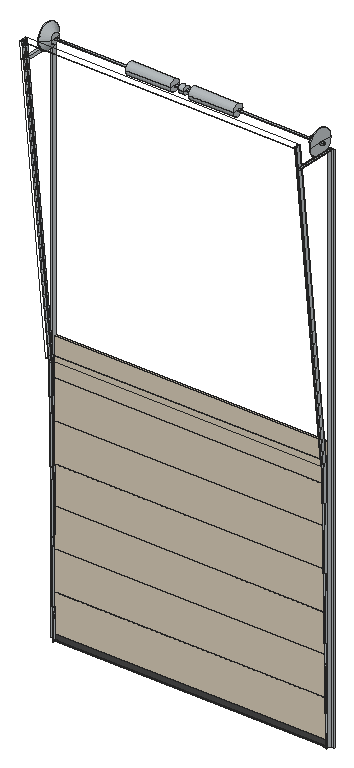
Revit family "Door_Sectional_Clopay_Insulated-VerticalTrack", category Doors, host Wall, Revit 2023
Family settings
  Host = Wall
  OmniClass Number = 23.30.10.17.37.14
  OmniClass Title = Sectional Overhead Doors
  Always vertical = Yes
  Cut with Voids When Loaded = No
  Shared = No
  Room Calculation Point = No
Parameters (values of type "ByType")
  intDepth [instance] = (Height + 1' 6") * -1  # -13' - 6"
  Wind Load = ""
  Water Penetration = ""
  Track Offset = 0' - 1"
  Track Material [instance] = Metal - Steel - Clopay - Galvanized
  TorsionWidth = Width + 0' 7"  # 12' - 7"
  Torsion Spring Height above Head [instance] = if(Breakaway Track, 0' 6", 1' 6")  # 0' - 6"
  Sound Transmission Class (STC) = 0
  Revision = "R1_09-2011"
  Rad [instance] = Thickness / 2  # 0' - 0 11/16"
  RO Offset = 0' - 0"
  Pass Door = no
  Panel Type_9 [instance] = Door Panel : Standard
  Panel Type_8 [instance] = Door Panel : Standard
  Panel Type_7 [instance] = Door Panel : Standard
  Panel Type_6 [instance] = Door Panel : Standard
  Panel Type_5 [instance] = Door Panel : Standard
  Panel Type_4 [instance] = Door Panel : Standard
  Panel Type_3 [instance] = Door Panel : Standard
  Panel Type_2 [instance] = Door Panel : Standard
  Panel Type_11 [instance] = Door Panel : Standard
  Panel Type_10 [instance] = Door Panel : Standard
  Panel Type_1 [instance] = Door Panel : Standard
  Panel Height = Height / NumPanels  # 1' - 8.57143"
  P9 = NumPanels > 8  # no
  P8 = NumPanels > 7  # no
  P7 = NumPanels > 6  # yes
  P6 = NumPanels > 5  # yes
  P5 = NumPanels > 4  # yes
  P4 = NumPanels > 3  # yes
  P11 = NumPanels > 10  # no
  P10 = NumPanels > 9  # no
  Operator_Jackshaft Right [instance] = no
  Operator_Jackshaft Left [instance] = no
  Opening Width = 12' - 0"
  Opening Height = 12' - 0"
  NumPanels_Standard = if(Height < 6' 3", 3, if(Height < 8' 3", 4, if(Height < 10' 3", 5, if(Height < 12' 3", 6, if(Height < 14' 3", 7, if(Height < 16' 3", 8, if(Height < 18' 3", 9, 10)))))))  # 6
  NumPanels_3211 = if(Height < 4' 6", 2, if(Height < 6' 0", 3, if(Height < 7' 6", 4, if(Height < 9' 0", 5, if(Height < 10' 9", 6, if(Height < 12' 6", 7, if(Height < 14' 3", 8, if(Height < 16' 0", 9, if(Height > 17' 9", 10, 11)))))))))  # 7
  NumPanels = if([3211 Spacing], NumPanels_3211, NumPanels_Standard)  # 7
  Maximum Size = "Consult Clopay Specifications & Shop Drawings"
  Lock Right [instance] = no
  Lock Left [instance] = no
  Jackshaft Offset [instance] = 0' - 5"
  Hardware Finish = Metal - Steel - Clopay - Galvanized
  Function = Interior
  Frame Finish = Metal - Steel - Clopay - Stucco Emboss - Tan
  Double Torsion Shaft [instance] = no
  Door Width = Opening Width + (Track Offset * 2)  # 12' - 2"
  Door Height = Opening Height  # 12' - 0"
  Door Glazing = Glass - Insulated - Clopay - Clear Tempered
  DblWidth = TorsionWidth + 1' 0"  # 13' - 7"
  Building Code Conformance = ""
  Breakaway Track [instance] = yes
  Breakaway Bottom Section = no
  Bottom Astragal Material [instance] = Rubber - Clopay - Black
  Bottom Astragal Height [instance] = 0' - 3 1/2"
  Air Infiltration = ""
  ASTM Conformance = ""
  Panel Width [instance] = Width + (Track Offset * 2)  # 12' - 2"
  Panel Material = Metal - Steel - Clopay - Stucco Emboss - Tan
  Manufacturer Phone = "513-770-4800 "
  Warranty Duration (Years) = 0
  URL = "http://www.clopaydoor.com/"
  Thickness = 0' - 1 3/8"
  Test Data = ""
  Specification = "http://www.arcat.com/sd/clients/clopay.html?coid=31487"
  SpecWizard = "http://www.arcat.com/specwizard/clients/clopay.html?coid=31487"
  Send Message = "http://www.clopaydoor.com/"
  Sales Information = "http://www.clopaydoor.com/contact-us.aspx"
  Rough Width = (Width + (RO Offset * 2))  # 12' - 0"
  Rough Height = (Height + (RO Offset))  # 12' - 0"
  R_Value = 0
  Product Properties = ""
  Product Data = "http://www.arcat.com/arcatcos/cos31/arc31487.html?isac=1&r=1"
  Manufacturer Website = "http://www.arcat.com/users.pl?action=UserEmail&company=Clopay%20Building%20Products%20Company&coid=31487&rep=114&fax=513-770-3519&mf="
  Manufacturer Phone - Toll Free = "800-526-4301 "
  Manufacturer Fax = "513-770-3519"
  Manufacturer Address = "8585 Duke Blvd. Mason, OH 45040-3101"
  Maintenance Schedule (Months) = 0
  Installation-Fabrication = ""
  Installation Phase = ""
  Green Building-LEED = "http://www.arcat.com/green/clients/leed_data_31487.html"
  Model = "As Specified"
  Manufacturer = "Clopay Building Products Company"
  Keynote = "08360"
  Height = Opening Height  # 12' - 0"
  Wall Closure = By host
  Width = Opening Width  # 12' - 0"
  Fire Rating = ""
  Expected Lifespan (Years) = 0
  Drawn By = "Sumex Design, Inc. / Robert S. Weygant, CSI, CDT, SCIP"
  Description = "Clopay Overhead Door as Specified"
  Copyright = "©Arcat Inc."
  Construction Details = "http://www.arcat.com/details/clopay/clopay.html?coid=31487"
  Building Codes = ""
  Assembly Code = "B2030410"
  ADA Compliant = yes
  AAMA Designation = ""
  3211 Spacing = yes
  3" Track [instance] = no
Reference planes (in)
  plane 1 "Center (Front/Back)": y = -34.08725
  plane 2 "Center (Left/Right)": x = 64.28704
  plane 3: z = 0
  plane 4 "Right": x = 136.28704
  plane 5 "Left": x = -7.71296
  plane 6: z = 0
  plane 7 "Top of Frame": z = 144
  plane 8 "RO Top": z = 144
  plane 9 "RO Right": x = 136.28704
  plane 10 "RO Left": x = -7.71296
  plane 11 "Exterior Wall Face": y = -31.08725
  plane 12 "Interior Wall Face": y = -37.08725
  plane 13: x = -8.71296
  plane 14: x = 137.28704
  plane 15: z = 24.07143
  plane 16: z = 44.64286
  plane 17: z = 65.21429
  plane 18: z = 85.78571
  plane 19: z = 106.35714
  plane 20: z = 126.92857
  plane 21: z = 147.5
  plane 22: y = -37.58725
  plane 23: z = 3.5
  plane 24: y = -38.96225
  plane 25: z = 288
  plane 26: z = 168.07143
  plane 27: z = 188.64286
  plane 28: x = 80.28704
  plane 29: x = 48.28704
  plane 30: z = 80
  plane 31: z = 40
  plane 32: z = 209.21429
  plane 33: z = 294
  plane 34: z = 306
  plane 35: x = -12.71296
  plane 36: x = 141.28704
  plane 37: z = 297
Forms (in)
  Extrusion 1, solid, material "Rubber - Clopay - Black" <- "Bottom Astragal Material"
    sketch origin (-8.71296, -26.43241, 48) x (0, 1, 0) y (0, 0, 1)
      loop
        line (-11.15484, -44.5) -> (-12.52984, -44.5) -> (-12.52984, -47.3125)
        arc (-12.52984, -47.3125) -> (-11.84234, -48) -> (-11.15484, -47.3125) r 0.6875
        line (-11.15484, -47.3125) -> (-11.15484, -44.5)
    from 0 to 146
  Extrusion 2, solid, material "Metal - Steel - Clopay - Galvanized" <- "Hardware Finish", visible <- "Lock Left"
    sketch origin (-270, -38.96225, -0.15636) x (0, 0, -1) y (-1, 0, 0)
      loop
        line (-39.15636, -263.35085) -> (-39.15636, -267.35085) -> (-36.15636, -267.35085) -> (-36.15636, -263.35085) -> (-39.15636, -263.35085)
    from 0 to -1.5
  Extrusion 3, solid, material "Metal - Steel - Clopay - Galvanized" <- "Hardware Finish", visible <- "Lock Right"
    sketch origin (398.57407, -38.96225, -0.15636) x (0, 0, -1) y (-1, 0, 0)
      loop
        line (-39.15636, 263.35085) -> (-36.15636, 263.35085) -> (-36.15636, 267.35085) -> (-39.15636, 267.35085) -> (-39.15636, 263.35085)
    from 0 to -1.5
  Extrusion 4, solid
    sketch origin (138.28704, -59.98895, 299.04277) x (0, 0.994163, 0.107886) y (-1, 0, 0)
      loop
        line (3, 0) -> (3, 148) -> (-1, 148) -> (-1, 0) -> (3, 0)
    from 0 to -162 <- "intDepth"
Lines and regions (in)
  Opening 1
    outline origin (-109.33485, -37.08725, 0) x (1, 0, 0) y (0, 0, 1)
      loop
        line (101.62189, 0) -> (245.62189, 0) -> (245.62189, 144) -> (101.62189, 144) -> (101.62189, 0)
  symbolic lines, style "Elevation Swing"
    curve 1: line (48.28704, -38.96225, 80) -> (80.28704, -38.96225, 40)
    curve 2: line (80.28704, -38.96225, 40) -> (48.28704, -38.96225, 0)
Text (in)
  text "Exterior" at (50.54558, 62.1328, 0), in view "A101 - Plan View"
  text "Interior" at (50.54558, -116.72319, 0), in view "A101 - Plan View"
  text "Exterior" at (0, -17.98638, 123.01588), in view "Right"
  text "Interior" at (0, -64.39139, 123.01588), in view "Right"
  text "Interior" at (0, -52.09468, 121.14095), in view "Left"
  text "Exterior" at (0, 26.35325, 123.00693), in view "Left"
Dimensions and locks (in)
  equal spacing: plane 4 "Right", plane 2 "Center (Left/Right)", plane 5 "Left"
  "Width": plane 5 "Left" to plane 4 "Right"
  "Height": level to plane 7 "Top of Frame"
  "RO Offset": plane 5 "Left" to plane 10 "RO Left"
  "RO Offset": plane 9 "RO Right" to plane 4 "Right"
  "RO Offset": plane 8 "RO Top" to plane 7 "Top of Frame"
  "Track Offset": plane 9 "RO Right" to plane 14
  "Track Offset": plane 13 to plane 5 "Left"
  locked: nested 3 to plane 12 "Interior Wall Face" at 6
  "Panel Height": plane 23 to plane 15
  "Panel Height": plane 15 to plane 16
  "Panel Height": plane 16 to plane 17
  "Panel Height": plane 17 to plane 18
  "Panel Height": plane 18 to plane 19
  "Panel Height": plane 19 to plane 20
  "Panel Height": plane 20 to plane 21
  locked: plane 12 "Interior Wall Face" to plane 22 at 0.5
  "Bottom Astragal Height": level to plane 23
  "Thickness": plane 22 to plane 24
  "Rad": Extrusion 1 sketch curve to level
  Extrusion 2 sketch curve to Extrusion 2 sketch curve to level = 0' - 3" locked, 3' - 0" locked
  Extrusion 3 sketch curve to Extrusion 3 sketch curve to level = 0' - 3" locked, 3' - 0" locked
  "Height": plane 25 to plane 8 "RO Top"
  "Torsion Spring Height above Head": plane 33 to plane 25
  "Panel Height": plane 21 to plane 26
  "Panel Height": plane 26 to plane 27
  locked: level to plane 30 at 80
  plane 29 to plane 2 "Center (Left/Right)" to plane 28 = 1' - 4" locked, 1' - 4" locked
  equal spacing: plane 30, plane 31, level
  "Panel Height": plane 32 to plane 27
  locked: plane 34 to plane 33 at 12
  locked: plane 12 "Interior Wall Face" to nested 15 at 6
  Extrusion 4 sketch curve to Extrusion 4 sketch curve = 0' - 4"
  locked: plane 14 to Extrusion 4 sketch curve at 1
  locked: Extrusion 4 sketch curve to plane 13 at 1
  locked: plane 37 to plane 33 at 3
  "Jackshaft Offset": plane 5 "Left" to plane 35
  "Jackshaft Offset": plane 36 to plane 4 "Right"
  "Rad": radius of Extrusion 1 sketch curve
  aligned and locked: host wall to plane 1 "Center (Front/Back)"
  aligned and locked: Opening 1 sketch curve to level
  aligned and locked: plane 9 "RO Right" to Opening 1 sketch curve
  aligned and locked: plane 10 "RO Left" to Opening 1 sketch curve
  aligned and locked: Opening 1 sketch curve to plane 8 "RO Top"
  aligned and locked: host wall to plane 11 "Exterior Wall Face"
  aligned and locked: host wall to plane 12 "Interior Wall Face"
  aligned and locked: nested 1 to plane 13
  aligned and locked: nested 1 to plane 12 "Interior Wall Face"
  aligned and locked: nested 2 to plane 14
  aligned and locked: nested 2 to plane 12 "Interior Wall Face"
  aligned and locked: plane 2 "Center (Left/Right)" to nested 3
  aligned and locked: plane 2 "Center (Left/Right)" to nested 4
  aligned and locked: plane 15 to nested 5
  aligned and locked: plane 16 to nested 6
  aligned and locked: plane 17 to nested 7
  aligned and locked: plane 18 to nested 8
  aligned and locked: plane 19 to nested 9
  aligned and locked: plane 20 to nested 10
  aligned and locked: plane 21 to nested 11
  aligned and locked: plane 22 to nested 4
  aligned and locked: plane 22 to nested 5
  aligned and locked: plane 22 to nested 6
  aligned and locked: plane 22 to nested 7
  aligned and locked: plane 22 to nested 8
  aligned and locked: plane 22 to nested 9
  aligned and locked: plane 22 to nested 10
  aligned and locked: plane 22 to nested 11
  aligned and locked: plane 23 to nested 4
  aligned and locked: plane 14 to Extrusion 1
  aligned and locked: plane 26 to nested 12
  aligned and locked: plane 27 to nested 13
  aligned and locked: nested 12 to plane 22
  aligned and locked: nested 13 to plane 22
  aligned and locked: nested 14 to plane 22
  aligned and locked: plane 2 "Center (Left/Right)" to nested 14
  aligned and locked: plane 32 to nested 14
  aligned and locked: plane 34 to nested 15
  aligned and locked: plane 33 to nested 3
  aligned and locked: plane 37 to nested 17
  aligned and locked: plane 36 to nested 17
  aligned and locked: plane 35 to nested 16
  aligned and locked: plane 37 to nested 16
Automatic sketch dimensions
  Extrusion 1 sketch curve to plane 23 = 0' - 0"
  Extrusion 1 sketch curve to plane 24 = 0' - 0"
  Extrusion 2 sketch curve to plane 5 "Left" = 0' - 5.06381"
  Extrusion 2 sketch curve to plane 5 "Left" = 0' - 1.06381"
  plane 4 "Right" to Extrusion 3 sketch curve = 0' - 1.06381"
  Extrusion 3 sketch curve to Extrusion 3 sketch curve = 0' - 4"
  curve 1 to plane 29 = 0' - 0"
  curve 1 to plane 30 = 0' - 0"
  curve 2 to plane 31 = 0' - 0"
  curve 1 to plane 28 = 0' - 0"
  curve 2 to level = 0' - 0"
  curve 2 to plane 29 = 0' - 0"
  nested 2 to Extrusion 4 sketch curve = 0' - 2 15/16"
Nested families (in)
  nested 1: "Track_SectionalDoor_Clopay_Vertical" at (-8.71296, -47.9957, 0), Opening Height <- "Height", Track Material <- "Track Material", 3" Track <- "3" Track", Breakaway <- "Breakaway Track", type "ByType"
    with sptLegth 1' - 9.43686", VertSlope 1.19349°, Vert Travel 0' - 6 1/4", Vert Overall 0' - 8 5/8", TrackHeight 25' - 0", Track Material Metal - Steel - Clopay - Galvanized, TopLength 13' - 8", Opening Height 12' - 0", Breakaway Angle 5.00°, Breakaway yes, BreakOffset 1' - 4.60353", BaseOffset 0' - 2.83333", 3" Track no
  nested 2: "Track_SectionalDoor_Clopay_Vertical" at (137.28704, -47.9957, 0) x (-1, 0, 0) z (0, 0, 1), Opening Height <- "Height", Track Material <- "Track Material", 3" Track <- "3" Track", Breakaway <- "Breakaway Track", type "ByType"
    with sptLegth 1' - 9.43686", VertSlope 1.19349°, Vert Travel 0' - 6 1/4", Vert Overall 0' - 8 5/8", TrackHeight 25' - 0", Track Material Metal - Steel - Clopay - Galvanized, TopLength 13' - 8", Opening Height 12' - 0", Breakaway Angle 5.00°, Breakaway yes, BreakOffset 1' - 4.60353", BaseOffset 0' - 2.83333", 3" Track no
  nested 3: "TorsionAssembly_Vlift" at (64.28704, -43.08725, 294), Material <- "Track Material", Unit Width <- "TorsionWidth", type "TorsionAssembly_Vlift"
    with offset 0' - 0", Unit Width 12' - 7", Material Metal - Steel - Clopay - Galvanized, End Extension 0' - 0"
  nested 4: "Door Panel" at (64.28704, -38.27475, 3.5), Material - Trim <- "Frame Finish", Material - Panel <- "Panel Material", Glass Type <- "Door Glazing", Unit Width <- "Panel Width", Unit Height <- "Panel Height", Unit Depth <- "Thickness", type <- "Panel Type_1", type "Standard"
    with Vision Panel Num 0, Vision Panel Calc 3, VPSpace 13' - 2", VP Actual 2, Unit Width 12' - 2", Unit Height 1' - 8.57143", Unit Depth 0' - 1 3/8", SingleWindow no, PanelsC 3, PanelsB 3, PanelsA 3, Ofst 1' - 0", MultiWindow no, Material - Trim Metal - Steel - Clopay - Stucco Emboss - Tan, Material - Panel Metal - Steel - Clopay - Stucco Emboss - Tan, Glass Type Glass - Insulated - Clopay - Clear Tempered, Vision C no, Vision Panel Width 2' - 0", Vision Panels no
  nested 5: "Door Panel" at (64.28704, -38.27475, 24.07143), Material - Trim <- "Frame Finish", Material - Panel <- "Panel Material", Glass Type <- "Door Glazing", Unit Width <- "Panel Width", Unit Height <- "Panel Height", Unit Depth <- "Thickness", type <- "Panel Type_2", type "Standard"
    with Vision Panel Num 0, Vision Panel Calc 3, VPSpace 13' - 2", VP Actual 2, Unit Width 12' - 2", Unit Height 1' - 8.57143", Unit Depth 0' - 1 3/8", SingleWindow no, PanelsC 3, PanelsB 3, PanelsA 3, Ofst 1' - 0", MultiWindow no, Material - Trim Metal - Steel - Clopay - Stucco Emboss - Tan, Material - Panel Metal - Steel - Clopay - Stucco Emboss - Tan, Glass Type Glass - Insulated - Clopay - Clear Tempered, Vision C no, Vision Panel Width 2' - 0", Vision Panels no
  nested 6: "Door Panel" at (64.28704, -38.27475, 44.64286), Material - Trim <- "Frame Finish", Material - Panel <- "Panel Material", Glass Type <- "Door Glazing", Unit Width <- "Panel Width", Unit Height <- "Panel Height", Unit Depth <- "Thickness", type <- "Panel Type_3", type "Standard"
    with Vision Panel Num 0, Vision Panel Calc 3, VPSpace 13' - 2", VP Actual 2, Unit Width 12' - 2", Unit Height 1' - 8.57143", Unit Depth 0' - 1 3/8", SingleWindow no, PanelsC 3, PanelsB 3, PanelsA 3, Ofst 1' - 0", MultiWindow no, Material - Trim Metal - Steel - Clopay - Stucco Emboss - Tan, Material - Panel Metal - Steel - Clopay - Stucco Emboss - Tan, Glass Type Glass - Insulated - Clopay - Clear Tempered, Vision C no, Vision Panel Width 2' - 0", Vision Panels no
  nested 7: "Door Panel" at (64.28704, -38.27475, 65.21429), Material - Panel <- "Panel Material", Glass Type <- "Door Glazing", Unit Width <- "Panel Width", Unit Height <- "Panel Height", Unit Depth <- "Thickness", visible <- "P4", type <- "Panel Type_4", Material - Trim <- "Panel Material", type "Standard"
    with Vision Panel Num 0, Vision Panel Calc 3, VPSpace 13' - 2", VP Actual 2, Unit Width 12' - 2", Unit Height 1' - 8.57143", Unit Depth 0' - 1 3/8", SingleWindow no, PanelsC 3, PanelsB 3, PanelsA 3, Ofst 1' - 0", MultiWindow no, Material - Trim Metal - Steel - Clopay - Stucco Emboss - Tan, Material - Panel Metal - Steel - Clopay - Stucco Emboss - Tan, Glass Type Glass - Insulated - Clopay - Clear Tempered, Vision C no, Vision Panel Width 2' - 0", Vision Panels no
  nested 8: "Door Panel" at (64.28704, -38.27475, 85.78571), Material - Trim <- "Frame Finish", Material - Panel <- "Panel Material", Glass Type <- "Door Glazing", Unit Width <- "Panel Width", Unit Height <- "Panel Height", Unit Depth <- "Thickness", visible <- "P5", type <- "Panel Type_5", type "Standard"
    with Vision Panel Num 0, Vision Panel Calc 3, VPSpace 13' - 2", VP Actual 2, Unit Width 12' - 2", Unit Height 1' - 8.57143", Unit Depth 0' - 1 3/8", SingleWindow no, PanelsC 3, PanelsB 3, PanelsA 3, Ofst 1' - 0", MultiWindow no, Material - Trim Metal - Steel - Clopay - Stucco Emboss - Tan, Material - Panel Metal - Steel - Clopay - Stucco Emboss - Tan, Glass Type Glass - Insulated - Clopay - Clear Tempered, Vision C no, Vision Panel Width 2' - 0", Vision Panels no
  nested 9: "Door Panel" at (64.28704, -38.27475, 106.35714), Material - Trim <- "Frame Finish", Material - Panel <- "Panel Material", Glass Type <- "Door Glazing", Unit Width <- "Panel Width", Unit Height <- "Panel Height", Unit Depth <- "Thickness", visible <- "P6", type <- "Panel Type_6", type "Standard"
    with Vision Panel Num 0, Vision Panel Calc 3, VPSpace 13' - 2", VP Actual 2, Unit Width 12' - 2", Unit Height 1' - 8.57143", Unit Depth 0' - 1 3/8", SingleWindow no, PanelsC 3, PanelsB 3, PanelsA 3, Ofst 1' - 0", MultiWindow no, Material - Trim Metal - Steel - Clopay - Stucco Emboss - Tan, Material - Panel Metal - Steel - Clopay - Stucco Emboss - Tan, Glass Type Glass - Insulated - Clopay - Clear Tempered, Vision C no, Vision Panel Width 2' - 0", Vision Panels no
  nested 10: "Door Panel" at (64.28704, -38.27475, 126.92857), Material - Trim <- "Frame Finish", Material - Panel <- "Panel Material", Glass Type <- "Door Glazing", Unit Width <- "Panel Width", Unit Height <- "Panel Height", Unit Depth <- "Thickness", visible <- "P7", type <- "Panel Type_7", type "Standard"
    with Vision Panel Num 0, Vision Panel Calc 3, VPSpace 13' - 2", VP Actual 2, Unit Width 12' - 2", Unit Height 1' - 8.57143", Unit Depth 0' - 1 3/8", SingleWindow no, PanelsC 3, PanelsB 3, PanelsA 3, Ofst 1' - 0", MultiWindow no, Material - Trim Metal - Steel - Clopay - Stucco Emboss - Tan, Material - Panel Metal - Steel - Clopay - Stucco Emboss - Tan, Glass Type Glass - Insulated - Clopay - Clear Tempered, Vision C no, Vision Panel Width 2' - 0", Vision Panels no
  nested 11: "Door Panel" at (64.28704, -38.27475, 147.5), Material - Trim <- "Frame Finish", Material - Panel <- "Panel Material", Glass Type <- "Door Glazing", Unit Width <- "Panel Width", Unit Height <- "Panel Height", Unit Depth <- "Thickness", visible <- "P8", type <- "Panel Type_8", type "Standard"
    with Vision Panel Num 0, Vision Panel Calc 3, VPSpace 13' - 2", VP Actual 2, Unit Width 12' - 2", Unit Height 1' - 8.57143", Unit Depth 0' - 1 3/8", SingleWindow no, PanelsC 3, PanelsB 3, PanelsA 3, Ofst 1' - 0", MultiWindow no, Material - Trim Metal - Steel - Clopay - Stucco Emboss - Tan, Material - Panel Metal - Steel - Clopay - Stucco Emboss - Tan, Glass Type Glass - Insulated - Clopay - Clear Tempered, Vision C no, Vision Panel Width 2' - 0", Vision Panels no
  nested 12: "Door Panel" at (64.28704, -38.27475, 168.07143), Material - Trim <- "Frame Finish", Material - Panel <- "Panel Material", Glass Type <- "Door Glazing", Unit Width <- "Panel Width", Unit Height <- "Panel Height", Unit Depth <- "Thickness", visible <- "P9", type <- "Panel Type_9", type "Standard"
    with Vision Panel Num 0, Vision Panel Calc 3, VPSpace 13' - 2", VP Actual 2, Unit Width 12' - 2", Unit Height 1' - 8.57143", Unit Depth 0' - 1 3/8", SingleWindow no, PanelsC 3, PanelsB 3, PanelsA 3, Ofst 1' - 0", MultiWindow no, Material - Trim Metal - Steel - Clopay - Stucco Emboss - Tan, Material - Panel Metal - Steel - Clopay - Stucco Emboss - Tan, Glass Type Glass - Insulated - Clopay - Clear Tempered, Vision C no, Vision Panel Width 2' - 0", Vision Panels no
  nested 13: "Door Panel" at (64.28704, -38.27475, 188.64286), Material - Trim <- "Frame Finish", Material - Panel <- "Panel Material", Glass Type <- "Door Glazing", Unit Width <- "Panel Width", Unit Height <- "Panel Height", Unit Depth <- "Thickness", visible <- "P10", type <- "Panel Type_10", type "Standard"
    with Vision Panel Num 0, Vision Panel Calc 3, VPSpace 13' - 2", VP Actual 2, Unit Width 12' - 2", Unit Height 1' - 8.57143", Unit Depth 0' - 1 3/8", SingleWindow no, PanelsC 3, PanelsB 3, PanelsA 3, Ofst 1' - 0", MultiWindow no, Material - Trim Metal - Steel - Clopay - Stucco Emboss - Tan, Material - Panel Metal - Steel - Clopay - Stucco Emboss - Tan, Glass Type Glass - Insulated - Clopay - Clear Tempered, Vision C no, Vision Panel Width 2' - 0", Vision Panels no
  nested 14: "Door Panel" at (64.28704, -38.27475, 209.21429), Material - Trim <- "Frame Finish", Material - Panel <- "Panel Material", Glass Type <- "Door Glazing", Unit Width <- "Panel Width", Unit Height <- "Panel Height", Unit Depth <- "Thickness", visible <- "P11", type <- "Panel Type_11", type "Standard"
    with Vision Panel Num 0, Vision Panel Calc 3, VPSpace 13' - 2", VP Actual 2, Unit Width 12' - 2", Unit Height 1' - 8.57143", Unit Depth 0' - 1 3/8", SingleWindow no, PanelsC 3, PanelsB 3, PanelsA 3, Ofst 1' - 0", MultiWindow no, Material - Trim Metal - Steel - Clopay - Stucco Emboss - Tan, Material - Panel Metal - Steel - Clopay - Stucco Emboss - Tan, Glass Type Glass - Insulated - Clopay - Clear Tempered, Vision C no, Vision Panel Width 2' - 0", Vision Panels no
  nested 15: "TorsionAssembly_Vlift" at (64.28704, -43.08725, 306), Material <- "Track Material", Unit Width <- "DblWidth", visible <- "Double Torsion Shaft", type "TorsionAssembly_Vlift"
    with offset 0' - 0", Unit Width 13' - 7", Material Metal - Steel - Clopay - Galvanized, End Extension 0' - 6"
  nested 16: "Opener" at (-18.71296, -37.08725, 285) x (1, 0, 0) z (0, -1, 0), Material <- "Hardware Finish", visible <- "Operator_Jackshaft Left", type "Jackshaft"
    with offset 0' - 0", Material Metal - Steel - Clopay - Galvanized, Unit Width 1' - 0", Unit Depth 1' - 0"
  nested 17: "Opener" at (147.28704, -37.08725, 285) x (1, 0, 0) z (0, -1, 0), Material <- "Hardware Finish", visible <- "Operator_Jackshaft Right", type "Jackshaft"
    with offset 0' - 0", Material Metal - Steel - Clopay - Galvanized, Unit Width 1' - 0", Unit Depth 1' - 0"
Definition of nested family "Track_SectionalDoor_Clopay_Vertical"
  Parameters
    sptLegth [instance] = BaseOffset + BreakOffset + 0' 2"  # 1' - 6.33239"
    Width = 0' - 0"
    Warranty Duration (Years) = 0
    VertSlope [instance] = atan(0.25 / 12)  # 1.19349°
    Vert Travel [instance] = (TrackHeight) * tan(VertSlope)  # 0' - 5 1/4"
    Vert Overall [instance] = Vert Travel + 0' 2 3/8"  # 0' - 7 5/8"
    URL = "http://www.clopaydoor.com/"
    TrackHeight [instance] = TopLength + (Opening Height - 0' 8")  # 21' - 0"
    Track Material [instance] = none
    TopLength [instance] = if(Breakaway Angle = 0.00°, Opening Height + 0' 8" + 0' 1", Opening Height + 0' 8" + 1' 0")  # 11' - 8"
    Thickness = 0' - 0"
    Specification = "http://www.arcat.com/sd/clients/clopay.html?coid=31487"
    SpecWizard = "http://www.arcat.com/specwizard/clients/clopay.html?coid=31487"
    Send Message = "http://www.arcat.com/users.pl?action=UserEmail&company=Clopay%20Building%20Products%20Company&coid=31487&rep=114&fax=513-770-3519&mf="
    Sales Information = "http://www.clopaydoor.com/contact-us.aspx"
    Revision = "R1_09-2011"
    Product Properties = ""
    Product Data = "http://www.arcat.com/arcatcos/cos31/arc31487.html?isac=1&r=1"
    Opening Height [instance] = 10' - 0"
    Model = "As Specified"
    Manufacturer Website = "http://www.clopaydoor.com/"
    Manufacturer Phone - Toll Free = "800-526-4301"
    Manufacturer Phone = "513-770-4800"
    Manufacturer Fax = "513-770-3519"
    Manufacturer Address = "8585 Duke Blvd. Manson, OH 45040-3101"
    Manufacturer = "Clopay Building Products Company"
    Maintenance Schedule (Months) = 0
    Keynote = "08360"
    Installation-Fabrication = ""
    Installation Phase = ""
    Height = 0' - 0"
    Green Building-LEED = "http://www.arcat.com/green/clients/leed_data_31487.html"
    Expected Lifespan (Years) = 0
    Drawn By = "Sumex Design, Inc. / Robert S. Weygant, CSI, CDT, SCIP"
    Description = "Clopay Door as Specified"
    Copyright = "©Arcat Inc."
    Construction Details = "http://www.arcat.com/details/clopay/clopay.html?coid=31487"
    Breakaway Angle [instance] = if(Breakaway, 5.00°, 0.00°)  # 5.00°
    Breakaway [instance] = yes
    BreakOffset [instance] = (TrackHeight - 0' 11" - Opening Height + 0' 8") * tan(VertSlope + Breakaway Angle)  # 1' - 1.99905"
    BaseOffset [instance] = (Opening Height - 0' 8") * tan(VertSlope)  # 0' - 2.33333"
    3" Track [instance] = no
    Assembly Code = "B2030410"
  Reference planes (in)
    plane 1 "Center (Front/Back)": y = 10.90846
    plane 2: z = 0
    plane 3 "Center (Left/Right)": x = 0
    plane 4: z = 0
    plane 5: z = 0
    plane 6: z = 0
    plane 7: z = 0
    plane 8: z = 0
    plane 9: y = 3.28346
    plane 10 "Bracket": x = -1
    plane 11: z = 120
    plane 12: z = 252
    plane 13: y = 8.53346
    plane 14: z = 112
  Forms (in)
    Sweep 1, solid, material <- "Track Material"
      path origin (-1, 4.05509, 48) x (0, 1, 0) y (0, 0, 1)
        loop
          line (4.47835, -47.99915) -> (2.14503, 64) -> (-12.95906, 203.18285)
      profile "P_Track : P_Track" origin (-1, 7.36678, 56.00043) x (0, -0.999783, -0.020829) y (1, 0, 0)
        loop
          line (-2, 1) -> (-2, 0) -> (-0.62484, 0) -> (-0.20263, 0.18798)
          arc (-0.20263, 0.18798) -> (0, 0.5) -> (-0.20263, 0.81202) r 0.34155
          line (-0.20263, 0.81202) -> (-0.48052, 0.93574) -> (-0.50594, 0.87865) -> (-0.22805, 0.75492)
          arc (-0.22805, 0.75492) -> (-0.0625, 0.5) -> (-0.22805, 0.24508) r 0.27905
          line (-0.22805, 0.24508) -> (-0.63812, 0.0625) -> (-1.9375, 0.0625) -> (-1.9375, 1) -> (-2, 1)
    Extrusion 2, solid, material <- "Track Material"
      sketch origin (0, 0, 0) x (1, 0, 0) y (0, 1, 0)
        loop
          line (-1, 10.90846) -> (-3.25, 10.90846) -> (-3.25, 10.78346) -> (-1.125, 10.78346) -> (-1.125, 9.28346) -> (-1, 9.28346) -> (-1, 10.90846)
      from 0 to 241
    Sweep 3, solid, material <- "Track Material"
      path origin (-1, 4.05509, 48) x (0, 1, 0) y (0, 0, 1)
        loop
          line (-11.47902, 193) -> (6.72837, 193)
      profile origin (-1, 1.67976, 241) x (0, 0, 1) y (1, 0, 0)
        loop
          line (0, 0) -> (-1.48699, 0) -> (-1.48699, -0.125) -> (-0.11199, -0.125) -> (-0.11199, -1.5) -> (0, -1.5) -> (0, 0)
  Lines and regions (in)
    reference lines
      curve 1: line (-1, 8.53346, 0) -> (-1, 5.57576, 141.96919)
      curve 2: line (-1, 6.20012, 112) -> (-1, 0.48214, 164.69065)
      curve 3: line (-1, 6.20012, 112) -> (-1, 4.2118, 111.78423)
  Dimensions and locks (in)
    equal spacing: plane 4, plane 5, plane 6, plane 7, plane 8, level
    "Height": plane 4 to level
    locked: plane 10 "Bracket" to plane 3 "Center (Left/Right)" at 1
    "Opening Height": plane 11 to level
    "Vert Overall": plane 1 "Center (Front/Back)" to plane 9
    locked: plane 13 to plane 1 "Center (Front/Back)" at 2.375
    locked: plane 12 to Extrusion 2 at 11
    "TrackHeight": plane 12 to level
    locked: plane 12 to Sweep 3 sketch curve at 11
    locked: plane 11 to plane 14 at 8
    "TopLength": curve 3 to Sweep 1 sketch curve
    "sptLegth": plane 1 "Center (Front/Back)" to Sweep 3 sketch curve
    "VertSlope": angle curve 1 to plane 13
    "Breakaway Angle": angle curve 2 to curve 1
    aligned and locked: curve 1 to Sweep 1 sketch curve
    aligned and locked: Sweep 1 sketch curve to curve 2
  Automatic sketch dimensions
    Extrusion 2 sketch curve to plane 1 "Center (Front/Back)" = 0' - 0"
    Extrusion 2 sketch curve to plane 10 "Bracket" = 0' - 0"
    Extrusion 2 sketch curve to Extrusion 2 sketch curve = 0' - 0 1/8"  (x2)
    Extrusion 2 sketch curve to Extrusion 2 sketch curve = 0' - 2 1/8"
    plane 13 to Extrusion 2 sketch curve = 0' - 0 3/4"
    plane 1 "Center (Front/Back)" to Sweep 3 sketch curve = 0' - 0 1/8"
    Sweep 3 sketch curve to plane 10 "Bracket" = 0' - 0"
    Sweep 3 sketch curve to profile plane = 0' - 0"
    profile plane to Sweep 3 sketch curve = 0' - 0.11199"
    Sweep 3 sketch curve to plane 10 "Bracket" = 0' - 0 1/8"
    Sweep 3 sketch curve to Sweep 3 sketch curve = 0' - 1 3/8"  (x2)
    curve 2 to plane 14 = 0' - 0"
    curve 1 to level = 0' - 0"
    curve 1 to plane 13 = 0' - 0"
    Sweep 1 sketch curve to plane 13 = 0' - 0"
    curve 3 to curve 2 = 0' - 0"  (x2)
    curve 2 to curve 3 = 0' - 2"
Definition of nested family "TorsionAssembly_Vlift"
  Parameters
    offset [instance] = 0' - 0"
    Warranty Duration (Years) = 0
    Vertical Lift = yes
    Unit Width [instance] = 12' - 0"
    Unit Height = 0' - 9 1/2"
    Unit Depth = Unit Height  # 0' - 9 1/2"
    URL = "http://www.clopaydoor.com/"
    Standard = no
    Spring Width = 2' - 0"
    Specification = "http://www.arcat.com/sd/clients/clopay.html?coid=31487"
    SpecWizard = "http://www.arcat.com/specwizard/clients/clopay.html?coid=31487"
    Send Message = "http://www.arcat.com/users.pl?action=UserEmail&company=Clopay%20Building%20Products%20Company&coid=31487&rep=114&fax=513-770-3519&mf="
    Sales Information = "http://www.clopaydoor.com/contact-us.aspx"
    Revision = "R1_09-2011"
    Product Properties = ""
    Product Data = "http://www.arcat.com/arcatcos/cos31/arc31487.html?isac=1&r=1"
    Model = "As Specified"
    Material [instance] = none
    Manufacturer Website = "http://www.clopaydoor.com/"
    Manufacturer Phone - Toll Free = "800-526-4301 "
    Manufacturer Phone = "513-770-4800 "
    Manufacturer Fax = "513-770-3519"
    Manufacturer Address = "8585 Duke Blvd. Mason, OH 45040-3101"
    Manufacturer = "Clopay Building Products Company"
    Maintenance Schedule (Months) = 0
    Keynote = "08360"
    Installation-Fabrication = ""
    Installation Phase = ""
    High Lift = no
    Green Building-LEED = "http://www.arcat.com/green/clients/leed_data_31487.html"
    Expected Lifespan (Years) = 0
    End Extension [instance] = 0' - 0"
    Drawn By = "Sumex Design, Inc. / Robert S. Weygant, CSI, CDT, SCIP"
    Description = "Clopay Door as Specified"
    Copyright = "©Arcat Inc."
    Construction Details = "http://www.arcat.com/details/clopay/clopay.html?coid=31487"
    Assembly Code = "B2030410"
  Reference planes (in)
    plane 1 "Center (Front/Back)": y = 0
    plane 2 "Bottom": z = 0
    plane 3 "Center (Left/Right)": x = 0
    plane 4 "Front": y = -4.75
    plane 5 "Back": y = 4.75
    plane 6 "Left": x = -72
    plane 7 "Right": x = 72
    plane 8 "Top": z = 4.75
    plane 9: z = -4.75
    plane 10: x = -5
    plane 11: x = 5
    plane 12: x = -29
    plane 13: x = 29
    plane 14: x = 66
    plane 15: x = -66
  Forms (in)
    Revolve 1, solid, material <- "Material", visible <- "Vertical Lift"
      sketch origin (0, 0, 0) x (1, 0, 0) y (0, 1, 0)
        loop
          line (72, 0) -> (72, 0.5) -> (70, 0.5) -> (70, 6.75) -> (69.5, 6.75) -> (66.33203, 2.5) -> (66, 2.5) -> (66, 0.5) -> (29, 0.5) -> (29, 3) -> (5, 3) -> (5, 0.5) -> (1.375, 0.5) -> (1.375, 2) -> (-1.375, 2) -> (-1.375, 0.5) -> (-5, 0.5) -> (-5, 3) -> (-29, 3) -> (-29, 0.5) -> (-66, 0.5) -> (-66, 2.5) -> (-66.33203, 2.5) -> (-69.5, 6.75) -> (-70, 6.75) -> (-70, 0.5) -> (-72, 0.5) -> (-72, 0) -> (72, 0)
        axis (-72, 0) -> (72, 0)
      angle from 0 to 360
  Dimensions and locks (in)
    equal spacing: plane 6 "Left", plane 3 "Center (Left/Right)", plane 7 "Right"
    "Unit Width": plane 6 "Left" to plane 7 "Right"
    equal spacing: plane 5 "Back", plane 1 "Center (Front/Back)", plane 4 "Front"
    "Unit Depth": plane 5 "Back" to plane 4 "Front"
    equal spacing: plane 8 "Top", level, plane 9
    "Unit Height": plane 8 "Top" to plane 9
    plane 10 to plane 3 "Center (Left/Right)" to plane 11 = 0' - 5" locked, 0' - 5" locked
    "Spring Width": plane 11 to plane 13
    "Spring Width": plane 12 to plane 10
    "End Extension": Revolve 1 sketch curve to plane 6 "Left"
    "End Extension": plane 7 "Right" to Revolve 1 sketch curve
    locked: plane 6 "Left" to plane 15 at 6
    plane 14 to plane 7 "Right" = 0' - 6"
  Automatic sketch dimensions
    Revolve 1 sketch curve to plane 1 "Center (Front/Back)" = 0' - 0"  (x2)
    Revolve 1 sketch curve to plane 15 = 0' - 0"
    Revolve 1 sketch curve to plane 12 = 0' - 0"
    Revolve 1 sketch curve to plane 10 = 0' - 0"
    Revolve 1 sketch curve to plane 11 = 0' - 0"
    Revolve 1 sketch curve to plane 13 = 0' - 0"
    Revolve 1 sketch curve to plane 14 = 0' - 0"
    Revolve 1 sketch curve to Revolve 1 sketch curve = 0' - 9 3/4"
    Revolve 1 sketch curve to plane 1 "Center (Front/Back)" = 0' - 0 1/2"  (x6)
    Revolve 1 sketch curve to plane 3 "Center (Left/Right)" = 0' - 1 3/8"
    plane 3 "Center (Left/Right)" to Revolve 1 sketch curve = 0' - 1 3/8"
    Revolve 1 sketch curve to Revolve 1 sketch curve = 1' - 0 3/4"
    Revolve 1 sketch curve to Revolve 1 sketch curve = 0' - 1 1/2"
    Revolve 1 sketch curve to plane 5 "Back" = 0' - 1 3/4"  (x2)
    Revolve 1 sketch curve to plane 7 "Right" = 0' - 2"
    Revolve 1 sketch curve to plane 14 = 0' - 0 85/256"
    Revolve 1 sketch curve to Revolve 1 sketch curve = 0' - 0 1/2"  (x2)
    Revolve 1 sketch curve to Revolve 1 sketch curve = 0' - 2"  (x2)
    plane 5 "Back" to Revolve 1 sketch curve = 0' - 2"  (x2)
    plane 6 "Left" to Revolve 1 sketch curve = 0' - 2"
    Revolve 1 sketch curve to Revolve 1 sketch curve = 0' - 0 85/256"
Definition of nested family "Door Panel"
  Parameters
    offset = 0' - 9"
    Warranty Duration (Years) = 0
    Vision Panel Num [instance] = if(Vision Panels, Vision Panel Calc, 0)  # 3
    Vision Panel Calc [instance] = if(Vision A, PanelsA, if(Vision B, PanelsB, PanelsC))  # 3
    Vision C = yes
    Vision B = no
    Vision A = no
    VPSpace [instance] = ((Unit Width - (Vision Panel Num * 2' 0")) / (Vision Panel Num + 1)) + 1' 0"  # 2' - 6"
    Vision Panel Height = if(Vision A, 0' 8", if(Vision B, 1' 0", 1' 2"))  # 1' - 2"
    Vision Panel Width = if(Vision C, 3' 4", 2' 0")  # 3' - 4"
    VP Actual [instance] = if(Vision Panel Num > 1, Vision Panel Num, 2)  # 3
    Unit Width [instance] = 12' - 0"
    Unit Height [instance] = 2' - 0"
    Unit Depth [instance] = 0' - 1 3/8"
    URL = "http://www.clopaydoor.com/"
    Specification = "http://www.arcat.com/sd/clients/clopay.html?coid=31487"
    SpecWizard = "http://www.arcat.com/specwizard/clients/clopay.html?coid=31487"
    SingleWindow [instance] = Vision Panel Num = 1  # no
    Send Message = "http://www.arcat.com/users.pl?action=UserEmail&company=Clopay%20Building%20Products%20Company&coid=31487&rep=114&fax=513-770-3519&mf="
    Sales Information = "http://www.clopaydoor.com/contact-us.aspx"
    Revision = "R1_09-2011"
    Product Properties = ""
    Product Data = "http://www.arcat.com/arcatcos/cos31/arc31487.html?isac=1&r=1"
    PanelsC [instance] = if(Unit Width < 9' 4", 2, if(Unit Width < 11' 2", 1, if(Unit Width < 13' 4", 3, if(Unit Width < 15' 4", 2, if(Unit Width < 16' 4", 4, 0)))))  # 3
    PanelsB [instance] = if(Unit Width < 9' 4", 2, if(Unit Width < 13' 4", 3, if(Unit Width < 16' 4", 4, if(Unit Width < 17' 4", 3, if(Unit Width < 20' 4", 5, if(Unit Width < 21' 0", 4, if(Unit Width < 24' 4", 6, if(Unit Width < 24' 6", 5, if(Unit Width < 26' 4", 7, if(Unit Width < 28' 4", 6, 8))))))))))  # 3
    PanelsA [instance] = if(Unit Width < 9' 4", 2, if(Unit Width < 13' 4", 3, if(Unit Width < 16' 4", 4, if(Unit Width < 17' 2", 3, if(Unit Width < 20' 4", 5, if(Unit Width < 20' 10", 4, if(Unit Width < 24' 4", 6, if(Unit Width < 24' 6", 5, if(Unit Width < 26' 4", 7, if(Unit Width < 28' 2", 6, 8))))))))))  # 3
    Ofst [instance] = Vision Panel Width / 2  # 1' - 8"
    MultiWindow [instance] = Vision Panel Num > 1  # yes
    Model = "As Specified"
    Material - Trim [instance] = none
    Material - Panel [instance] = none
    Manufacturer Website = "http://www.clopaydoor.com/"
    Manufacturer Phone - Toll Free = "800-526-4301 "
    Manufacturer Phone = "513-770-4800 "
    Manufacturer Fax = "513-770-3519"
    Manufacturer Address = "8585 Duke Blvd. Mason, OH 45040-3101"
    Manufacturer = "Clopay Building Products Company"
    Maintenance Schedule (Months) = 0
    Keynote = "08330"
    Installation-Fabrication = ""
    Installation Phase = ""
    HalfHeight = Vision Panel Height / 2  # 0' - 7"
    Green Building-LEED = "http://www.arcat.com/green/clients/leed_data_31487.html"
    Glass Type [instance] = none
    Expected Lifespan (Years) = 0
    Drawn By = "Sumex Design, Inc. / Robert S. Weygant, CSI, CDT, SCIP"
    Vision Panels = yes
    Description = "Clopay Door as Specified"
    Copyright = "©Arcat Inc."
    Construction Details = "http://www.arcat.com/details/clopay/clopay.html?coid=31487"
    Assembly Code = "B2030420"
  Reference planes (in)
    plane 1 "Center (Front/Back)": y = 0
    plane 2 "Bottom": z = 0
    plane 3 "Center (Left/Right)": x = 0
    plane 4 "Front": y = -0.6875
    plane 5 "Back": y = 0.6875
    plane 6 "Left": x = -72
    plane 7 "Right": x = 72
    plane 8 "Top": z = 24
    plane 9: z = 12
    plane 10: x = -42
    plane 11: x = 42
  Forms (in)
    Extrusion 1, solid, material <- "Material - Panel"
      sketch origin (-11.94222, 0.6875, 48) x (-1, 0, 0) y (0, 0, 1)
        loop
          line (60.05778, -24) -> (-83.94222, -24) -> (-83.94222, -48) -> (60.05778, -48) -> (60.05778, -24)
      from 0 to -1.375
    Sweep 2, void
      path origin (0, -1, 25.77106) x (0, 0, 1) y (-1, 0, 0)
        loop
          line (-17.06234, 62) -> (-17.06234, 22)
      profile origin (-42, -1, 8.70872) x (0, 0, 1) y (0, -1, 0)
        loop
          line (-3.70872, -4) -> (10.29128, -4) -> (10.29128, 2.25) -> (-3.70872, 2.25) -> (-3.70872, -4)
    Sweep 3, void
      path origin (84, -1, 25.77106) x (0, 0, 1) y (-1, 0, 0)
        loop
          line (-17.06234, 62) -> (-17.06234, 22)
      profile origin (42, -1, 8.70872) x (0, 0, 1) y (0, -1, 0)
        loop
          line (-3.70872, -4) -> (10.29128, -4) -> (10.29128, 2.25) -> (-3.70872, 2.25) -> (-3.70872, -4)
    Sweep 4, void
      path origin (42, -1, 25.77106) x (0, 0, 1) y (-1, 0, 0)
        loop
          line (-17.06234, 62) -> (-17.06234, 22)
      profile origin (0, -1, 8.70872) x (0, 0, 1) y (0, -1, 0)
        loop
          line (-3.70872, -4) -> (10.29128, -4) -> (10.29128, 2.25) -> (-3.70872, 2.25) -> (-3.70872, -4)
  Cuts and joins
    Sweep 2, Sweep 3, Sweep 4 cuts Extrusion 1
  Dimensions and locks (in)
    equal spacing: plane 6 "Left", plane 3 "Center (Left/Right)", plane 7 "Right"
    "Unit Width": plane 6 "Left" to plane 7 "Right"
    equal spacing: plane 5 "Back", plane 1 "Center (Front/Back)", plane 4 "Front"
    "Unit Depth": plane 5 "Back" to plane 4 "Front"
    "Unit Height": plane 8 "Top" to level
    equal spacing: plane 8 "Top", plane 9, level
    "VPSpace": plane 10 to plane 6 "Left"
    "VPSpace": plane 7 "Right" to plane 11
    equal spacing: group 1, group 5, group 2  (x3)
    equal spacing: group 3, group 6, group 4  (x3)
    "Vision Panel Width": Sweep 2 sketch curve to Sweep 2 sketch curve
    "Vision Panel Width": Sweep 3 sketch curve to Sweep 3 sketch curve
    "Ofst": plane 10 to Sweep 2
    "Ofst": Sweep 3 to plane 11
    "Vision Panel Height": Sweep 2 sketch curve to Sweep 2 sketch curve
    "Vision Panel Height": Sweep 3 sketch curve to Sweep 3 sketch curve
    "HalfHeight": Sweep 2 to plane 9
    "HalfHeight": Sweep 3 to plane 9
    "Vision Panel Width": Sweep 4 sketch curve to Sweep 4 sketch curve
    "Vision Panel Height": Sweep 4 sketch curve to Sweep 4 sketch curve
    aligned and locked: nested 1 to plane 10
    aligned and locked: nested 2 to plane 10
    aligned and locked: plane 11 to nested 3
    aligned and locked: nested 3 to plane 9
    aligned and locked: plane 9 to nested 1
    aligned and locked: plane 9 to nested 2
    aligned and locked: plane 1 "Center (Front/Back)" to nested 2
    aligned and locked: plane 1 "Center (Front/Back)" to nested 1
    aligned and locked: plane 1 "Center (Front/Back)" to nested 3
    aligned and locked: Extrusion 1 to plane 4 "Front"
  Automatic sketch dimensions
    Extrusion 1 sketch curve to plane 8 "Top" = 0' - 0"
    plane 7 "Right" to Extrusion 1 sketch curve = 0' - 0"
    Extrusion 1 sketch curve to plane 6 "Left" = 0' - 0"
    level to Extrusion 1 sketch curve = 0' - 0"
    profile plane to Sweep 3 sketch curve = 0' - 3.70872"
    Sweep 3 sketch curve to profile plane = 0' - 4"
    profile plane to Sweep 3 sketch curve = 0' - 2 1/4"
    profile plane to Sweep 2 sketch curve = 0' - 3.70872"
    Sweep 2 sketch curve to profile plane = 0' - 4"
    profile plane to Sweep 2 sketch curve = 0' - 2 1/4"
    profile plane to Sweep 4 sketch curve = 0' - 3.70872"
    Sweep 4 sketch curve to profile plane = 0' - 4"
    profile plane to Sweep 4 sketch curve = 0' - 2 1/4"
  Nested families (in)
    nested 1: "Vision Panel" at (-42, 0, 12), visible <- "MultiWindow", Material <- "Glass Type", Frame Material <- "Material - Trim", Door Thickness <- "Unit Depth", Unit Height <- "Vision Panel Height", Unit Width <- "Vision Panel Width", type "Vision Panel"
      with offset 0' - 0", Unit Width 3' - 4", Unit Height 1' - 2", Material none, Frame Material none, Door Thickness 0' - 1 3/8"
    nested 2: "Vision Panel" at (-42, 0, 12), visible <- "SingleWindow", Material <- "Glass Type", Frame Material <- "Material - Trim", Unit Height <- "Vision Panel Height", Door Thickness <- "Unit Depth", Unit Width <- "Vision Panel Width", type "Vision Panel"
      with offset 0' - 0", Unit Width 3' - 4", Unit Height 1' - 2", Material none, Frame Material none, Door Thickness 0' - 1 3/8"
    nested 3: "Vision Panel" at (42, 0, 12), visible <- "MultiWindow", Material <- "Glass Type", Frame Material <- "Material - Trim", Door Thickness <- "Unit Depth", Unit Height <- "Vision Panel Height", Unit Width <- "Vision Panel Width", type "Vision Panel"
      with offset 0' - 0", Unit Width 3' - 4", Unit Height 1' - 2", Material none, Frame Material none, Door Thickness 0' - 1 3/8"
    nested 4: "Vision Panel" at (0, 0, 12), visible <- "MultiWindow", Material <- "Glass Type", Frame Material <- "Material - Trim", Door Thickness <- "Unit Depth", Unit Height <- "Vision Panel Height", Unit Width <- "Vision Panel Width", type "Vision Panel"
      with offset 0' - 0", Unit Width 3' - 4", Unit Height 1' - 2", Material none, Frame Material none, Door Thickness 0' - 1 3/8"
  Definition of nested family "Vision Panel"
    Parameters
      offset [instance] = 0' - 0"
      Warranty Duration (Years) = 0
      Unit Width [instance] = 0' - 10"
      Unit Height [instance] = 0' - 1 5/8"
      Unit Depth = 0' - 0 1/8"
      URL = "http://www.clopaydoor.com/"
      Thickness = 0' - 0 1/4"
      Specification = "http://www.arcat.com/sd/clients/clopay.html?coid=31487"
      SpecWizard = "http://www.arcat.com/specwizard/clients/clopay.html?coid=31487"
      Send Message = "http://www.arcat.com/users.pl?action=UserEmail&company=Clopay%20Building%20Products%20Company&coid=31487&rep=114&fax=513-770-3519&mf="
      Sales Information = "http://www.clopaydoor.com/contact-us.aspx"
      Revision = "R1_09-2011"
      Product Properties = ""
      Product Data = "http://www.arcat.com/arcatcos/cos31/arc31487.html?isac=1&r=1"
      Model = "As Specified"
      Material [instance] = none
      Manufacturer Website = "http://www.clopaydoor.com/"
      Manufacturer Phone - Toll Free = "800-526-4301 "
      Manufacturer Phone = "513-770-4800 "
      Manufacturer Fax = "513-770-3519"
      Manufacturer Address = "8585 Duke Blvd. Mason, OH 45040-3101"
      Manufacturer = "Clopay Building Products Company"
      Maintenance Schedule (Months) = 0
      Keynote = "08330"
      Installation-Fabrication = ""
      Installation Phase = ""
      Green Building-LEED = "http://www.arcat.com/green/clients/leed_data_31487.html"
      Frame Material [instance] = none
      Expected Lifespan (Years) = 0
      Drawn By = "Sumex Design, Inc. / Robert S. Weygant, CSI, CDT, SCIP"
      Door Thickness [instance] = 0' - 1 3/4"
      Description = "Clopay Door as Specified"
      Copyright = "©Arcat Inc."
      Construction Details = "http://www.arcat.com/details/clopay/clopay.html?coid=31487"
      Assembly Code = "B2030420"
    Reference planes (in)
      plane 1 "Center (Front/Back)": y = 0
      plane 2 "Bottom": z = 0
      plane 3 "Center (Left/Right)": x = 0
      plane 4 "Left": x = -5
      plane 5 "Right": x = 5
      plane 6 "Top": z = 0.8125
      plane 7: y = 0.125
      plane 8: y = -0.125
      plane 9: z = -0.8125
      plane 10: y = 0.875
      plane 11: y = -0.875
    Forms (in)
      Extrusion 1, solid, material <- "Material"
        sketch origin (-4.79439, 0.125, 48) x (-1, 0, 0) y (0, 0, 1)
          loop
            line (0.08061, -48.6875) -> (0.08061, -47.3125) -> (-9.66939, -47.3125) -> (-9.66939, -48.6875) -> (0.08061, -48.6875)
        from 0 to -0.25
      Sweep 2, solid, material <- "Frame Material"
        path origin (0, 0, 0) x (1, 0, 0) y (0, 0, 1)
          loop
            line (-5, 0.8125) -> (-5, -0.8125) -> (5, -0.8125) -> (5, 0.8125) -> (-5, 0.8125)
        profile origin (0, 0, 0.8125) x (0, 0, 1) y (0, -1, 0)
          loop
            line (-0.125, -1) -> (0.375, -1) -> (0.375, -0.875) -> (0, -0.875) -> (0, 0.875) -> (0.375, 0.875) -> (0.375, 1) -> (-0.125, 1) -> (-0.125, -1)
    Dimensions and locks (in)
      equal spacing: plane 4 "Left", plane 3 "Center (Left/Right)", plane 5 "Right"
      "Unit Width": plane 4 "Left" to plane 5 "Right"
      equal spacing: plane 7, plane 1 "Center (Front/Back)", plane 8
      "Thickness": plane 7 to plane 8
      equal spacing: plane 6 "Top", level, plane 9
      "Unit Height": plane 6 "Top" to plane 9
      equal spacing: plane 10, plane 1 "Center (Front/Back)", plane 11
      "Door Thickness": plane 10 to plane 11
      locked: plane 11 to Sweep 2 sketch curve at 0.125
      locked: Sweep 2 sketch curve to plane 10 at 0.125
      aligned and locked: Extrusion 1 to plane 8
      aligned and locked: Sweep 2 sketch curve to plane 10
      aligned and locked: plane 11 to Sweep 2 sketch curve
    Automatic sketch dimensions
      plane 4 "Left" to Extrusion 1 sketch curve = 0' - 0 1/8"
      plane 9 to Extrusion 1 sketch curve = 0' - 0 1/8"
      Extrusion 1 sketch curve to plane 6 "Top" = 0' - 0 1/8"
      Extrusion 1 sketch curve to plane 5 "Right" = 0' - 0 1/8"
      Sweep 2 sketch curve to plane 4 "Left" = 0' - 0"
      Sweep 2 sketch curve to plane 5 "Right" = 0' - 0"
      Sweep 2 sketch curve to plane 9 = 0' - 0"
      Sweep 2 sketch curve to plane 6 "Top" = 0' - 0"
      Sweep 2 sketch curve to profile plane = 0' - 0"
      profile plane to Sweep 2 sketch curve = 0' - 0 1/8"
      Sweep 2 sketch curve to profile plane = 0' - 0 3/8"  (x2)
Definition of nested family "Opener"
  Parameters
    offset [instance] = 0' - 0"
    Warranty Duration (Years) = 0
    Unit Width = 2' - 0"
    Unit Height = 2' - 0"
    Unit Depth = 0' - 10"
    URL = "http://www.clopaydoor.com/"
    Specification = "http://www.arcat.com/sd/clients/clopay.html?coid=31487"
    SpecWizard = "http://www.arcat.com/specwizard/clients/clopay.html?coid=31487"
    Send Message = "http://www.arcat.com/users.pl?action=UserEmail&company=Clopay%20Building%20Products%20Company&coid=31487&rep=114&fax=513-770-3519&mf="
    Sales Information = "http://www.clopaydoor.com/contact-us.aspx"
    Revision = "R1_09-2011"
    Product Properties = ""
    Product Data = "http://www.arcat.com/arcatcos/cos31/arc31487.html?isac=1&r=1"
    Model = "As Specified"
    Material [instance] = none
    Manufacturer Website = "http://www.clopaydoor.com/"
    Manufacturer Phone - Toll Free = "800-526-4301 "
    Manufacturer Phone = "513-770-4800 "
    Manufacturer Fax = "513-770-3519"
    Manufacturer Address = "8585 Duke Blvd. Mason, OH 45040-3101"
    Manufacturer = "Clopay Building Products Company"
    Maintenance Schedule (Months) = 0
    Keynote = "08360"
    Installation-Fabrication = ""
    Installation Phase = ""
    Green Building-LEED = "http://www.arcat.com/green/clients/leed_data_31487.html"
    Expected Lifespan (Years) = 0
    Drawn By = "Sumex Design, Inc. / Robert S. Weygant, CSI, CDT, SCIP"
    Description = "Clopay Door as Specified"
    Default Elevation = 4' - 0"
    Copyright = "©Arcat Inc."
    Construction Details = "http://www.arcat.com/details/clopay/clopay.html?coid=31487"
    Assembly Code = "B2030410"
  Reference planes (in)
    plane 1 "Center (Front/Back)": y = 0
    plane 2 "Bottom": z = 0
    plane 3 "Center (Left/Right)": x = 0
    plane 4 "Front": y = -12
    plane 5 "Back": y = 12
    plane 6 "Left": x = -12
    plane 7 "Right": x = 12
    plane 8 "Top": z = 10
  Forms (in)
    Extrusion 1, solid, material <- "Material"
      sketch origin (0, 0, 0) x (1, 0, 0) y (0, 1, 0)
        loop
          line (-12, 12) -> (-12, -12) -> (12, -12) -> (12, 12) -> (-12, 12)
      from 0 to 10
  Dimensions and locks (in)
    equal spacing: plane 6 "Left", plane 3 "Center (Left/Right)", plane 7 "Right"
    "Unit Width": plane 6 "Left" to plane 7 "Right"
    equal spacing: plane 5 "Back", plane 1 "Center (Front/Back)", plane 4 "Front"
    "Unit Height": plane 5 "Back" to plane 4 "Front"
    "Unit Depth": plane 8 "Top" to level
    aligned and locked: plane 8 "Top" to Extrusion 1
  Automatic sketch dimensions
    Extrusion 1 sketch curve to plane 4 "Front" = 0' - 0"
    Extrusion 1 sketch curve to plane 6 "Left" = 0' - 0"
    Extrusion 1 sketch curve to plane 7 "Right" = 0' - 0"
    Extrusion 1 sketch curve to plane 5 "Back" = 0' - 0"
